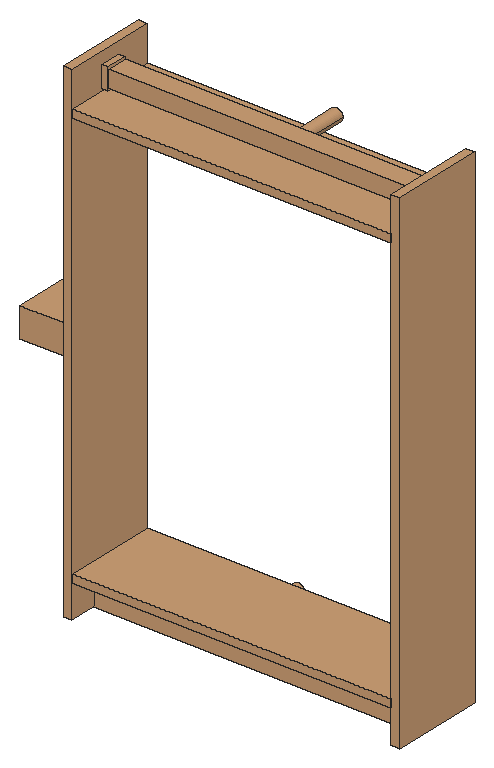
Revit family
Parameters
  Center Of Unit = 0' - 0"  # constant formula
  Water Pressure Drop [instance] = 0.00 psi
  Water Flow [instance] = 0 GPM
  Unit Weight (lbs) = 1004
  URL = "http://www.ljwing.com/"
  Water Outlet Radius = 0' - 1 1/2"
  Water Outlet Odd sizes = 0' - 5 23/64"
  Total Heating Capacity [instance] = 0.0 Btu/h
  Temperature Rise [instance] = 0 °F
  Series = "VIFB"
  Outlet Area = 50.10 SF
  Number of Rows = 1  # constant formula
  Number of Coils [instance] = 0
  Nominal Length = 6' - 7 1/16"
  Model = "VF-7"
  Manufacturer = "LJ Wing"
  Leaving Water Temperature [instance] = 0 °F
  Leaving Air Temperature [instance] = 0 °F
  Face Velocity (FPM) [instance] = 0
  Entering Water Temperature [instance] = 0 °F
  Entering Air Temperature [instance] = 0 °F
  Description = "Vertical Integral Face & Bypass Water Heating Coils"
  Hot Water Odd Sizes = 0' - 5 23/64"
  Hot Water Inlet Offset = 0' - 4 3/8"  # constant formula
  Hot Water Inlet  Radius = 0' - 1 1/2"
  Coil Face Area = Outlet Area * 0.56  # 28.056 SF
  Casing Material = ""
  Assembly Code = "D3020300"
  Air Pressure Drop [instance] = 0.00 in-wg
  Air Inlet Width = Nominal Length - 0' 4"  # 6' - 3 1/16"
  Air Inlet Height = Y  # 8' - 0"
  Air Flow [instance] = 0 CFM
  Z = 0' - 2 1/8"
  Y = 8' - 0"
  S = 0' - 9 3/4"
  Product URL = "http://www.ljwing.com/html/vifb.asp"
  OmniClass = "23-75 70 21 14"
  Nominal Height = 9' - 8"
  Nominal Depth = 1' - 10"
  R = 0' - 10 1/4"
  Q = 0' - 3 17/32"
  P = 0' - 5 1/8"
  L = 0' - 5 15/16"
Reference planes (in)
  plane 1 "Center (Front/Back)": y = 0
  plane 2: z = -48
  plane 3 "Center (Left/Right)": x = 0
  plane 4: z = 58.25
  plane 5: x = -39.53125
  plane 6: x = 39.53125
  plane 7: z = -57.75
  plane 8: z = 0
  plane 9: y = -11
  plane 10: y = 11
  plane 11: z = 48
  plane 12: z = 50
  plane 13: z = -50
  plane 14: x = 37.53125
  plane 15: x = -37.53125
  plane 16: z = 53.125
  plane 17: z = -51.8125
  plane 18: x = -36
  plane 19: x = 36
  plane 20: y = 13.125
  plane 21: y = 15.375
  plane 22: x = -50.53125
  plane 23: x = 5.35938
  plane 24: x = -5.35937
  plane 25: z = 55.125
  plane 26: z = 51.125
  plane 27: y = -2.5
  plane 28: y = 2.5
  plane 29: y = -4.5
Forms (in)
  Extrusion 1, solid, material "Painted Finish"
    sketch origin (0, 6, -9.75) x (1, 0, 0) y (0, 0, 1)
      loop
        line (-39.53125, -48) -> (-37.53125, -48) -> (-37.53125, 68) -> (-39.53125, 68) -> (-39.53125, -48)
      loop
        line (39.53125, -48) -> (39.53125, 68) -> (37.53125, 68) -> (37.53125, -48) -> (39.53125, -48)
    from -5 to 17
  Extrusion 2, solid, material "Painted Finish"
    sketch origin (0, 6, 0) x (1, 0, 0) y (0, 0, 1)
      loop
        line (37.53125, -48) -> (-37.53125, -48) -> (-37.53125, -50) -> (37.53125, -50) -> (37.53125, -48)
      loop
        line (37.53125, 48) -> (37.53125, 50) -> (-37.53125, 50) -> (-37.53125, 48) -> (37.53125, 48)
    from -5 to 17
  Extrusion 3, solid, material "Painted Finish"
    sketch origin (0, 10, -0.5) x (1, 0, 0) y (0, 0, 1)
      loop
        line (-39.53125, 4) -> (-50.53125, 4) -> (-50.53125, -3) -> (-39.53125, -3) -> (-39.53125, 4)
    from 0 to 20
  Extrusion 4, solid, material "Painted Finish"
    sketch origin (0, 6, 0) x (1, 0, 0) y (0, 0, 1)
      loop
        line (-35.90625, 55.125) -> (-35.90625, 51.125) -> (35.90625, 51.125) -> (35.90625, 55.125) -> (-35.90625, 55.125)
    from 3.5 to 8.5
  Extrusion 5, solid, material "Painted Finish"
    sketch origin (0, 0, 0) x (1, 0, 0) y (0, 0, 1)
      loop
        line (-35.90625, 50.625) -> (-35.90625, 55.625) -> (-37.53125, 55.625) -> (-37.53125, 50.625) -> (-35.90625, 50.625)
      loop
        line (37.53125, 50.625) -> (37.53125, 55.625) -> (35.90625, 55.625) -> (35.90625, 50.625) -> (37.53125, 50.625)
    from -2.5 to 2.5
  Extrusion 6, solid, material "Painted Finish"
    sketch origin (0, 23, 0) x (1, 0, 0) y (0, 0, 1)
      loop
        circle (5.35938, 53.125) r 1.5
    from 9.875 to 20.5
  Extrusion 7, solid, material "Painted Finish"
    sketch origin (0, 6, 0) x (1, 0, 0) y (0, 0, 1)
      loop
        line (-37.53125, -50) -> (-37.53125, -57.75) -> (37.53125, -57.75) -> (37.53125, -50) -> (-37.53125, -50)
    from -5 to 10.5
  Extrusion 8, solid, material "Painted Finish"
    sketch origin (0, 23, 0) x (1, 0, 0) y (0, 0, 1)
      loop
        circle (-5.35937, -51.8125) r 1.5
    from 7.625 to 12
  Extrusion 9, void
    sketch origin (0, 0, 0) x (1, 0, 0) y (0, 0, 1)
      loop
        line (-37.53125, 48) -> (-37.53125, -48) -> (37.53125, -48) -> (37.53125, 48) -> (-37.53125, 48)
    from -11 to 11
Cuts and joins
  Extrusion 9 cuts Extrusion 1
  Extrusion 9 cuts Extrusion 2
Dimensions and locks (in)
  "Nominal Length": plane 6 to plane 5
  equal spacing: plane 6, plane 3 "Center (Left/Right)", plane 5
  "S": plane 2 to plane 7
  "Nominal Depth": plane 10 to plane 9
  equal spacing: plane 10, plane 1 "Center (Front/Back)", plane 9
  "Y": plane 11 to plane 2
  "R": plane 4 to plane 11
  locked: plane 12 to plane 11 at 2
  locked: plane 2 to plane 13 at 2
  "P": plane 4 to plane 16
  "L": plane 17 to plane 7
  "Q": plane 18 to plane 5
  "Q": plane 6 to plane 19
  "Z": plane 20 to plane 10
  "Hot Water Inlet Offset": plane 21 to plane 10
  locked: plane 5 to plane 22 at 11
  locked: Extrusion 3 sketch curve to Extrusion 3 sketch curve at 7
  locked: Extrusion 3 to Extrusion 3 at 20
  locked: plane 6 to plane 14 at 2
  locked: plane 15 to plane 5 at 2
  "Water Outlet Odd sizes": plane 23 to plane 3 "Center (Left/Right)"
  "Hot Water Odd Sizes": plane 3 "Center (Left/Right)" to plane 24
  equal spacing: plane 25, plane 16, plane 26
  locked: Extrusion 5 sketch curve to plane 25 at 0.5
  locked: plane 26 to Extrusion 5 sketch curve at 0.5
  locked: Extrusion 6 sketch curve to plane 16 at 0
  locked: Extrusion 6 sketch curve to plane 23 at 0
  locked: Extrusion 8 sketch curve to plane 17 at 0
  locked: Extrusion 8 sketch curve to plane 24 at 0
  locked: plane 25 to plane 26 at 4
  locked: plane 28 to plane 27 at 5
  equal spacing: plane 28, plane 1 "Center (Front/Back)", plane 27
  locked: plane 27 to plane 29 at 2
  plane 4 to plane 7 = 9' - 8"
  locked: Extrusion 5 sketch curve to Extrusion 1 at 1.625
  locked: Extrusion 5 sketch curve to Extrusion 5 sketch curve at 1.625
  locked: Extrusion 9 sketch curve to plane 11 at 0
  locked: Extrusion 9 sketch curve to plane 15 at 0
  locked: Extrusion 9 sketch curve to plane 14 at 0
  locked: Extrusion 9 sketch curve to plane 2 at 0
  equal spacing: plane 11, plane 8, plane 2
  "Water Outlet Radius": radius of Extrusion 6 sketch curve
  "Hot Water Inlet  Radius": radius of Extrusion 8 sketch curve
  aligned and locked: Extrusion 1 to plane 9
  aligned and locked: Extrusion 1 to plane 10
  aligned and locked: Extrusion 1 to plane 15
  aligned and locked: Extrusion 1 to plane 14
  aligned and locked: Extrusion 2 to plane 9
  aligned and locked: plane 9 to Extrusion 1
  aligned and locked: plane 10 to Extrusion 1  (x2)
  aligned and locked: Extrusion 2 to plane 10
  aligned and locked: plane 10 to Extrusion 2  (x2)
  aligned and locked: plane 9 to Extrusion 2  (x2)
  aligned and locked: plane 5 to Extrusion 3
  aligned and locked: Extrusion 5 sketch curve to plane 15
  aligned and locked: Extrusion 5 sketch curve to Extrusion 4
  aligned and locked: Extrusion 6 to plane 20
  aligned and locked: Extrusion 1 to Extrusion 7
  aligned and locked: Extrusion 8 to plane 10
  aligned and locked: plane 21 to Extrusion 8
  aligned and locked: plane 27 to Extrusion 5
  aligned and locked: Extrusion 5 to Extrusion 4  (x2)
  aligned and locked: Extrusion 5 to plane 28
  aligned and locked: Extrusion 6 to Extrusion 4
  aligned and locked: Extrusion 7 to plane 29  (x2)
  aligned and locked: Extrusion 8 to Extrusion 7
  aligned and locked: Extrusion 4 to Extrusion 5  (x2)
  aligned and locked: Extrusion 5 to Extrusion 1  (x2)
  aligned and locked: plane 2 to Extrusion 2
  aligned and locked: Extrusion 1 sketch curve to plane 6
  aligned and locked: Extrusion 1 sketch curve to plane 14
  aligned and locked: Extrusion 1 sketch curve to plane 15
  aligned and locked: Extrusion 1 sketch curve to plane 5
  aligned and locked: plane 7 to Extrusion 1 sketch curve  (x2)
  aligned and locked: Extrusion 1 sketch curve to plane 4  (x2)
  aligned and locked: Extrusion 2 sketch curve to plane 11
  aligned and locked: Extrusion 2 sketch curve to plane 12
  aligned and locked: Extrusion 2 sketch curve to plane 14
  aligned and locked: Extrusion 2 sketch curve to plane 15
  aligned and locked: Extrusion 2 sketch curve to plane 13
  aligned and locked: plane 2 to Extrusion 2 sketch curve
  aligned and locked: plane 14 to Extrusion 2 sketch curve
  aligned and locked: plane 15 to Extrusion 2 sketch curve
  aligned and locked: plane 13 to Extrusion 7 sketch curve
  aligned and locked: Extrusion 7 sketch curve to plane 7
  aligned and locked: plane 14 to Extrusion 7 sketch curve
  aligned and locked: Extrusion 7 sketch curve to plane 15
  aligned and locked: cut or joined group of Extrusion 1, Extrusion 9 to plane 10
  aligned and locked: Extrusion 8 to plane 21
Automatic sketch dimensions
  Extrusion 3 sketch curve to plane 22 = 0' - 0"
  Extrusion 3 sketch curve to plane 5 = 0' - 0"
  plane 8 to Extrusion 3 sketch curve = 0' - 3 1/2"
  Extrusion 4 sketch curve to plane 25 = 0' - 0"
  Extrusion 4 sketch curve to plane 26 = 0' - 0"
  plane 18 to Extrusion 4 sketch curve = 0' - 0 3/32"
  Extrusion 4 sketch curve to plane 19 = 0' - 0 3/32"
  plane 26 to Extrusion 5 sketch curve = 0' - 0 1/2"
  Extrusion 5 sketch curve to plane 25 = 0' - 0 1/2"
Connectors (in)
  hvac at (0, -11, 0), driven by "Air Inlet Height", driven by "Air Inlet Width", driven by "Air Flow", driven by "Air Pressure Drop"
    settings: on Extrusion 9, index 1
  hvac at (0, 11, 0), driven by "Air Pressure Drop", driven by "Air Inlet Height", driven by "Air Inlet Width", driven by "Air Flow"
    settings: on Extrusion 9, index 2
  piping at (5.35938, 13.125, 53.125), driven by "Water Flow", driven by "Water Outlet Radius", driven by "Water Pressure Drop"
    settings: on Extrusion 6, index 3
  piping at (-5.35937, 15.375, -51.8125), driven by "Water Flow", driven by "Water Pressure Drop", driven by "Hot Water Inlet  Radius"
    settings: on Extrusion 8, index 4
